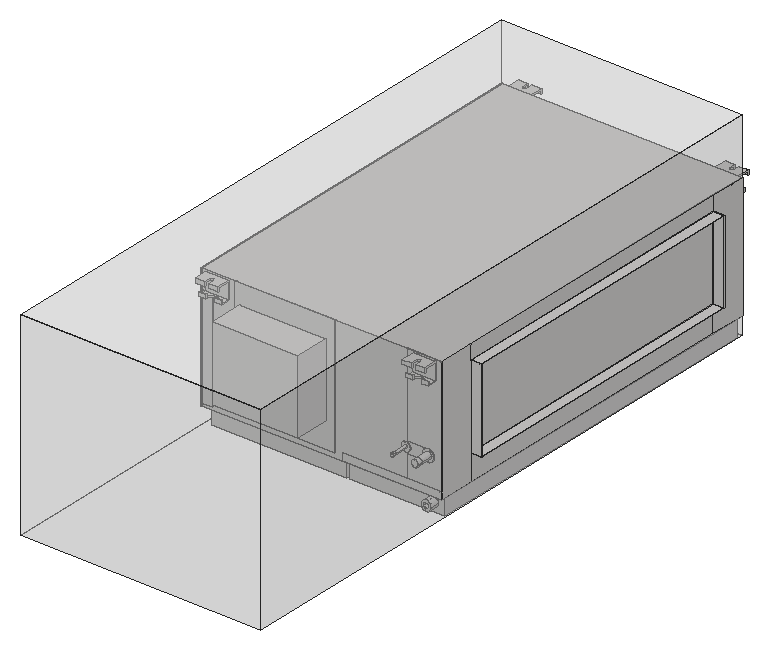
Revit family "outputfile", category 機械設備, Revit 2024 (continued)
Definition of nested family "daikin_rightpanel_FDR-QY1"
  Dimensions and locks
    locked: Extrusion 8 sketch curve to Extrusion 8 sketch curve at 360
    locked: Extrusion 8 sketch curve to Extrusion 8 sketch curve at 40
    locked: Extrusion 8 sketch curve to plane 2 "Bottom" at 71.4
    locked: Extrusion 9 sketch curve to Extrusion 9 sketch curve at 412
    locked: Extrusion 9 sketch curve to Extrusion 9 sketch curve at 121
    locked: Extrusion 9 sketch curve to Extrusion 9 sketch curve at 47
    locked: Extrusion 9 sketch curve to Extrusion 9 sketch curve at 313
    locked: Extrusion 9 sketch curve to Extrusion 9 sketch curve at 42
    locked: Extrusion 10 sketch curve to Extrusion 10 sketch curve at 82
    locked: Extrusion 10 sketch curve to plane 2 "Bottom" at 61
    locked: Extrusion 11 sketch curve to plane 8 at 19
    locked: Extrusion 11 sketch curve to plane 2 "Bottom" at 61
    "ld_liquidpipe": plane 16 to plane 1 "Center (Front/Back)"
    "ld_gaspipe": plane 17 "ld_g" to plane 1 "Center (Front/Back)"
    "内径_liquidpipe": diameter of Extrusion 12 sketch curve
    "外径_liquidpipe": diameter of Extrusion 13 sketch curve
    "内径_gaspipe": diameter of Extrusion 14 sketch curve
    "外径_gaspipe": diameter of Extrusion 15 sketch curve
    aligned and locked: level to plane 2 "Bottom"
    aligned and locked: Extrusion 1 sketch curve to plane 9
    aligned and locked: Extrusion 1 sketch curve to plane 7
    aligned and locked: plane 10 to Extrusion 1 sketch curve
    aligned and locked: Extrusion 1 sketch curve to plane 8
    aligned and locked: Extrusion 1 to plane 11
    aligned and locked: Extrusion 1 to plane 1 "Center (Front/Back)"
    aligned and locked: Extrusion 2 sketch curve to plane 6
    aligned and locked: Extrusion 2 sketch curve to plane 5
    aligned and locked: Extrusion 3 sketch curve to plane 6
    aligned and locked: plane 4 to Extrusion 3 sketch curve
    aligned and locked: plane 13 "lh_l" to Extrusion 4 sketch curve
    aligned and locked: plane 15 "lw_l" to Extrusion 4 sketch curve
    aligned and locked: plane 12 "lh_g" to Extrusion 5 sketch curve
    aligned and locked: plane 14 "lw_g" to Extrusion 5 sketch curve
    aligned and locked: Extrusion 6 sketch curve to plane 5
    aligned and locked: Extrusion 7 sketch curve to plane 6
    aligned and locked: plane 4 to Extrusion 8 sketch curve
    aligned and locked: Extrusion 9 sketch curve to Extrusion 9 sketch curve
    aligned and locked: Extrusion 9 sketch curve to plane 6
    aligned and locked: Extrusion 9 sketch curve to plane 5
    aligned and locked: Extrusion 10 sketch curve to plane 5
    aligned and locked: Extrusion 10 sketch curve to plane 6
    aligned and locked: Extrusion 11 sketch curve to plane 6
    aligned and locked: plane 4 to Extrusion 11 sketch curve
    aligned and locked: plane 13 "lh_l" to Extrusion 12 sketch curve
    aligned and locked: plane 15 "lw_l" to Extrusion 12 sketch curve
    aligned and locked: Extrusion 12 to plane 1 "Center (Front/Back)"
    aligned and locked: Extrusion 12 to plane 16
    aligned and locked: plane 13 "lh_l" to Extrusion 13 sketch curve
    aligned and locked: plane 15 "lw_l" to Extrusion 13 sketch curve
    aligned and locked: plane 12 "lh_g" to Extrusion 14 sketch curve
    aligned and locked: plane 14 "lw_g" to Extrusion 14 sketch curve
    aligned and locked: Extrusion 14 to plane 17 "ld_g"
    aligned and locked: Extrusion 14 to plane 1 "Center (Front/Back)"
    aligned and locked: plane 12 "lh_g" to Extrusion 15 sketch curve
    aligned and locked: plane 14 "lw_g" to Extrusion 15 sketch curve
    aligned and locked: plane 14 "lw_g" to Extrusion 16 sketch curve
    aligned and locked: plane 12 "lh_g" to Extrusion 16 sketch curve
    aligned and locked: plane 15 "lw_l" to Extrusion 16 sketch curve
    aligned and locked: plane 13 "lh_l" to Extrusion 16 sketch curve
  Automatic sketch dimensions
    radius of Extrusion 4 sketch curve = 16.0 mm
    radius of Extrusion 5 sketch curve = 25.0 mm
    radius of Extrusion 16 sketch curve = 16.0 mm
    radius of Extrusion 16 sketch curve = 21.0 mm
Definition of nested family "daikin_connector_rotate2"
  Parameters (values of type "daikin_connector_rotate2")
    Default Elevation = 1219.2 mm
    show_face = no
    radius [instance] = 10.0 mm
    length [instance] = 600.0 mm
    d_surface = 10.0 mm
    angle_vertical [instance] = 90.00°
  Reference planes
    plane 1 "Center (Front/Back)": y = 0
    plane 2: z = 0
    plane 3 "Center (Left/Right)": x = 0
  Forms (mm)
    Extrusion 1, solid, visible <- "show_face"
      sketch origin (0, -600, 0) x (1, 0, 0) y (0, 0, 1)
        loop
          circle (0, 0) r 10
      from 0 to -10
  Lines and regions (mm)
    reference lines
      curve 1: line (0, 0, 0) -> (0, -600, 0)
    symbolic lines
      curve 2: circle (0, 0, 0) r 5 normal (0, 0, 1)
    model lines, visible <- "show_face"
      curve 3: line (0, 0, 0) -> (0, -600, 0)
  Dimensions and locks
    "length": curve 1 to curve 1
    "length": curve 3 to curve 3
    "d_surface": Extrusion 1 to Extrusion 1
    "radius": radius of Extrusion 1 sketch curve
    "angle_vertical": angle curve 1 to plane 1 "Center (Front/Back)"
    "angle_vertical": angle curve 3 to plane 1 "Center (Front/Back)"
    aligned and locked: level to plane 2
    aligned and locked: plane 1 "Center (Front/Back)" to curve 1
    aligned and locked: plane 2 to curve 1
    aligned and locked: plane 1 "Center (Front/Back)" to curve 2
    aligned and locked: plane 3 "Center (Left/Right)" to curve 2
    aligned and locked: plane 1 "Center (Front/Back)" to curve 3
    aligned and locked: plane 2 to curve 3
    aligned and locked: Extrusion 1 to Extrusion 1
  Automatic sketch dimensions
    Extrusion 1 sketch curve to level = 0.0 mm
    Extrusion 1 sketch curve to plane 3 "Center (Left/Right)" = 0.0 mm
    radius of curve 2 = 5.0 mm
Definition of nested family "daikin_△_symbolicline"
  Parameters (values of type "daikin_△_symbolicline")
    length [instance] = 200.0 mm
    Default Elevation = 0.0 mm
  Reference planes
    plane 1 "Center (Front/Back)": y = 0
    plane 2: z = 0
    plane 3 "Center (Left/Right)": x = 0
  Lines and regions (mm)
    symbolic lines
      curve 1: line (0, -173.205, 0) -> (100, 0, 0)
      curve 2: line (100, 0, 0) -> (-100, 0, 0)
      curve 3: line (-100, 0, 0) -> (0, -173.205, 0)
  Dimensions and locks
    equal spacing: curve 3, plane 3 "Center (Left/Right)", curve 2
    "length": curve 3 to curve 2
    "length": curve 3 to curve 3
    "length": curve 1 to curve 1
    aligned and locked: level to plane 2
    aligned and locked: curve 2 to plane 1 "Center (Front/Back)"
    aligned and locked: plane 3 "Center (Left/Right)" to curve 3
Definition of nested family "daikin_mountinghole"
  Parameters (values of type "daikin_mountinghole")
    Default Elevation = 1219.2 mm
    Type Comments = "mountinghole"
    show [instance] = yes
    material = none
    l_centerline = 100.0 mm
    l_antenna [instance] = 100.0 mm
    h_mountinghole [instance] = 0.0 mm
    d_circle = 30.0 mm
    Link_Nested Family [instance] = ""
  Reference planes
    plane 1 "Center (Front/Back)": y = 0
    plane 2: z = 0
    plane 3 "Center (Left/Right)": x = 0
    plane 4: y = 50
    plane 5: x = -50
    plane 6: x = 50
    plane 7: y = -50
    plane 8 "h_mountinghole": z = 0
    plane 9: z = 100
  Lines and regions (mm)
    model lines, detail levels fine
      curve 1: circle (0, 0, 0) r 15 normal (0, 0, 1)
      curve 2: line (-50, 0, 0) -> (50, 0, 0)
      curve 3: line (0, 50, 0) -> (0, -50, 0)
    symbolic lines, detail levels fine
      curve 4: circle (0, 0, 0) r 15 normal (0, 0, 1)
      curve 5: line (-50, 0, 0) -> (50, 0, 0)
      curve 6: line (0, 50, 0) -> (0, -50, 0)
    model lines
      curve 7: line (0, 0, 100) -> (0, 0, 0)
  Dimensions and locks
    equal spacing: plane 4, plane 1 "Center (Front/Back)", plane 7
    "l_centerline": plane 4 to plane 7
    equal spacing: plane 5, plane 3 "Center (Left/Right)", plane 6
    "l_centerline": plane 5 to plane 6
    "l_antenna": plane 9 to plane 8 "h_mountinghole"
    "h_mountinghole": plane 8 "h_mountinghole" to plane 2
    "d_circle": diameter of curve 1
    "d_circle": diameter of curve 4
    aligned and locked: level to plane 2
    aligned and locked: plane 1 "Center (Front/Back)" to curve 1
    aligned and locked: plane 3 "Center (Left/Right)" to curve 1
    aligned and locked: plane 1 "Center (Front/Back)" to curve 2
    aligned and locked: curve 3 to plane 3 "Center (Left/Right)"
    aligned and locked: plane 6 to curve 2
    aligned and locked: plane 5 to curve 2
    aligned and locked: plane 4 to curve 3
    aligned and locked: plane 7 to curve 3
    aligned and locked: plane 1 "Center (Front/Back)" to curve 4
    aligned and locked: plane 3 "Center (Left/Right)" to curve 4
    aligned and locked: plane 6 to curve 5
    aligned and locked: plane 5 to curve 5
    aligned and locked: plane 1 "Center (Front/Back)" to curve 5
    aligned and locked: plane 4 to curve 6
    aligned and locked: plane 7 to curve 6
    aligned and locked: curve 6 to plane 3 "Center (Left/Right)"
    aligned and locked: curve 7 to plane 3 "Center (Left/Right)"
    aligned and locked: plane 9 to curve 7
    aligned and locked: plane 8 "h_mountinghole" to curve 7
